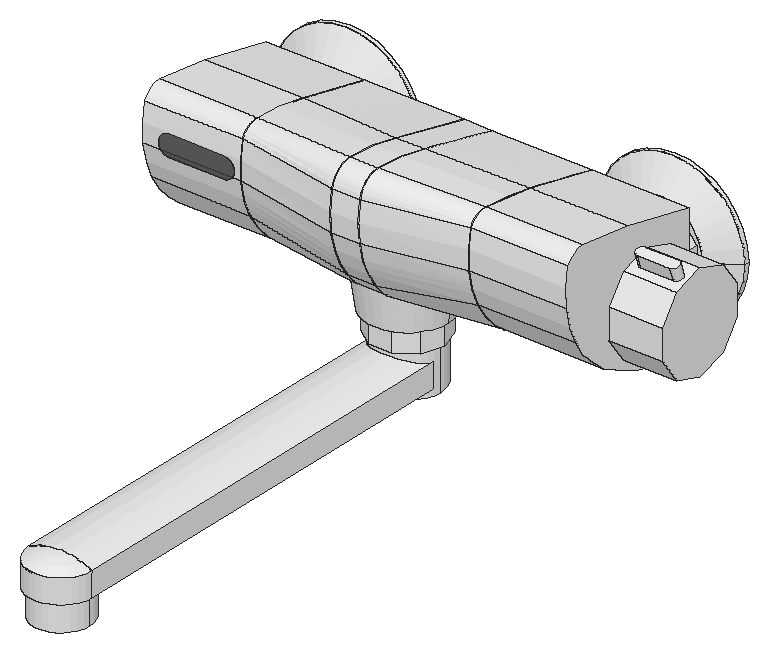
Revit family "Смеситель настенный бесконтактный", category Сантехнические приборы, Revit 2017
Family settings
  Размер круглого соединителя = Использовать диаметр
  Тип детали = Нормальный
  На основе рабочей плоскости = Нет
  Всегда вертикально = Да
  При загрузке вырезать с полостями = Нет
  Общий = Нет
  Точка расчета площади = Нет
Parameters (values of type "Тип")
  Ширина = 0.0 mm
  Расход_ХВ = 0.0 L/s
  Расход_ГВ = 0.0 L/s
  Примечание = "Учитывается в разделе ВК"
  Позиция = ""
  Обозначение = ""
  Наименование = "Смеситель настенный бесконтактный сенсорный, работа от батареи"
  Масса = ""
  Код оборудования = ""
  Keynote = ""
  Изготовитель = "Severin"
  Задание [instance] = "ВК"
  Завод = ""
  Единицы = "шт."
  Диаметр_ХВ = 12.7 mm
  Диаметр_ГВ = 12.7 mm
  Группа модели = "ТХ"  # constant formula
  Глубина = 0.0 mm
  Высота подвода_ГВ_ХВ = 500.0 mm
  Высота = 0.0 mm
Reference planes
  plane 1 "По центру (Вперед/Назад)": y = 0
  plane 2: z = 0
  plane 3 "По центру (Влево/Вправо)": x = 0
Forms (mm)
  Blend 1, solid, material "Сталь, хромированная"
    base sketch origin (0, 0, 0) x (1, 0, 0) y (0, 1, 0)
      loop
        circle (0, -60) r 22.5
    top sketch origin (0, 0, 0) x (1, 0, 0) y (0, 1, 0)
      loop
        circle (0, -60) r 18.75
    from -5 to -29.993
  Extrusion 2, solid, material "Сталь, хромированная"
    sketch origin (0, 0, 0) x (1, 0, 0) y (0, 1, 0)
      loop
        circle (0, -60) r 15
    from -60 to -40
  Extrusion 3, solid, material "Сталь, хромированная"
    sketch origin (0, 0, 0) x (1, 0, 0) y (0, 1, 0)
      loop
        line (5.215, -43.951) -> (-5.215, -43.951) -> (-13.652, -50.081) -> (-16.875, -60) -> (-13.652, -69.919) -> (-5.215, -76.049) -> (5.215, -76.049) -> (13.652, -69.919) -> (16.875, -60) -> (13.652, -50.081) -> (5.215, -43.951)
    from -40 to -29.993
  Extrusion 4, solid, material "Сталь, хромированная"
    sketch origin (0, 0, 0) x (1, 0, 0) y (0, 1, 0)
      loop
        circle (0, -259.5) r 13
    from -69.521 to -56
  Extrusion 5, solid, material "Сталь, хромированная"
    sketch origin (0, 0, 0) x (1, 0, 0) y (0, 0, 1)
      loop
        line (-14.5, -46) -> (-14.5, -57) -> (14.5, -57) -> (14.5, -46)
        arc (14.5, -46) -> (0, -42.292) -> (-14.5, -46) r 30.208
    from 60 to 260
  Extrusion 6, solid, material "Сталь, хромированная"
    sketch origin (0, 0, 0) x (1, 0, 0) y (0, 0, 1)
      loop
        line (-92.832, 5.794) -> (-92.832, -5.794) -> (-86.021, -15.169) -> (-75, -18.75) -> (-63.979, -15.169) -> (-57.168, -5.794) -> (-57.168, 5.794) -> (-63.979, 15.169) -> (-75, 18.75) -> (-86.021, 15.169) -> (-92.832, 5.794)
    from 10 to 20
  Extrusion 7, solid, material "Сталь, хромированная"
    sketch origin (0, 0, 0) x (1, 0, 0) y (0, 0, 1)
      loop
        circle (-75, 0) r 33.75
    from 0 to 2
  Blend 8, solid, material "Сталь, хромированная"
    base sketch origin (0, 0, 0) x (1, 0, 0) y (0, 0, 1)
      loop
        circle (-75, 0) r 33.75
    top sketch origin (0, 0, 0) x (1, 0, 0) y (0, 0, 1)
      loop
        circle (-75, 0) r 20.625
    from 2 to 10
  Extrusion 9, solid, material "Сталь, хромированная"
    sketch origin (0, 0, 0) x (-1, 0, 0) y (0, 0, -1)
      loop
        line (-92.832, -5.794) -> (-86.021, -15.169) -> (-75, -18.75) -> (-63.979, -15.169) -> (-57.168, -5.794) -> (-57.168, 5.794) -> (-63.979, 15.169) -> (-75, 18.75) -> (-86.021, 15.169) -> (-92.832, 5.794) -> (-92.832, -5.794)
    from 10 to 20
  Extrusion 10, solid, material "Сталь, хромированная"
    sketch origin (0, 0, 0) x (-1, 0, 0) y (0, 0, -1)
      loop
        circle (-75, 0) r 33.75
    from 0 to 2
  Blend 11, solid, material "Сталь, хромированная"
    base sketch origin (0, 0, 0) x (-1, 0, 0) y (0, 0, -1)
      loop
        circle (-75, 0) r 33.75
    top sketch origin (0, 0, 0) x (-1, 0, 0) y (0, 0, -1)
      loop
        circle (-75, 0) r 20.625
    from 2 to 10
  Revolve 12, solid, material "Сталь, хромированная"
    sketch origin (0, -260, 0) x (1, 0, 0) y (0, 0, -1)
      loop
        line (14.5, 46) -> (14.5, 57) -> (0, 57) -> (0, 42.292)
        arc (0, 42.292) -> (7.483, 43.234) -> (14.5, 46) r 30.208
      axis (0, 57) -> (0, 42.292)
    angle from 0 to 180
  Extrusion 13, solid, material "Сталь, хромированная"
    sketch origin (0, 0, 0) x (0, 1, 0) y (0, 0, 1)
      loop
        line (-20, 27.6) -> (-55.2, 35.6)
        arc (-55.2, 35.6) -> (-68.062, 37.903) -> (-81.082, 39.007) r 141.194
        arc (-81.082, 39.007) -> (-86.064, 37.753) -> (-89.582, 34.007) r 9.137
        arc (-89.582, 34.007) -> (-90.859, 25.464) -> (-90.56, 16.831) r 47.293
        arc (-90.56, 16.831) -> (-88.696, 8.397) -> (-85.329, 0.442) r 47.294
        arc (-85.329, 0.442) -> (-75.575, -12.131) -> (-62.22, -20.784) r 47.581
        arc (-62.22, -20.784) -> (-48.771, -26.5) -> (-34.582, -29.993) r 91.127
        arc (-34.582, -29.993) -> (-26.323, -29.089) -> (-20, -23.7) r 14.128
        line (-20, -23.7) -> (-20, 27.6)
    from 52.5 to 97.5
  Extrusion 14, solid, material "Сталь, хромированная"
    sketch origin (0, 0, 0) x (0, 1, 0) y (0, 0, 1)
      loop
        line (-20, -23.7) -> (-20, 27.6) -> (-58.7, 37.1)
        arc (-58.7, 37.1) -> (-71.861, 39.778) -> (-85.25, 40.831) r 110
        arc (-85.25, 40.831) -> (-92.126, 38.381) -> (-95.682, 32.007) r 10.366
        arc (-95.682, 32.007) -> (-96.74, 23.046) -> (-96.076, 14.046) r 47.253
        arc (-96.076, 14.046) -> (-92.642, 2.735) -> (-86.508, -7.369) r 47.252
        arc (-86.508, -7.369) -> (-82.471, -12.122) -> (-77.582, -15.993) r 31.717
        arc (-77.582, -15.993) -> (-64.121, -23.099) -> (-49.647, -27.811) r 89.148
        line (-49.647, -27.811) -> (-34.582, -29.993)
        arc (-34.582, -29.993) -> (-26.323, -29.089) -> (-20, -23.7) r 14.128
    from -6.5 to 6.5
  Blend 15, solid, material "Сталь, хромированная"
    base sketch origin (0, 0, 0) x (0, 1, 0) y (0, 0, 1)
      loop
        arc (-81.082, 39.007) -> (-86.064, 37.753) -> (-89.582, 34.007) r 9.137
        arc (-89.582, 34.007) -> (-90.859, 25.464) -> (-90.56, 16.831) r 47.293
        arc (-90.56, 16.831) -> (-88.696, 8.397) -> (-85.329, 0.442) r 47.294
        arc (-85.329, 0.442) -> (-75.575, -12.131) -> (-62.22, -20.784) r 47.581
        arc (-62.22, -20.784) -> (-48.771, -26.5) -> (-34.582, -29.993) r 91.127
        arc (-34.582, -29.993) -> (-26.323, -29.089) -> (-20, -23.7) r 14.128
        line (-20, -23.7) -> (-20, 27.6) -> (-55.2, 35.6)
        arc (-55.2, 35.6) -> (-68.062, 37.903) -> (-81.082, 39.007) r 141.194
    top sketch origin (0, 0, 0) x (0, 1, 0) y (0, 0, 1)
      loop
        arc (-85.25, 40.831) -> (-92.126, 38.381) -> (-95.682, 32.007) r 10.366
        arc (-95.682, 32.007) -> (-96.74, 23.046) -> (-96.076, 14.046) r 47.253
        arc (-96.076, 14.046) -> (-92.642, 2.735) -> (-86.508, -7.369) r 47.252
        arc (-86.508, -7.369) -> (-82.471, -12.122) -> (-77.582, -15.993) r 31.717
        arc (-77.582, -15.993) -> (-64.121, -23.099) -> (-49.647, -27.811) r 89.148
        line (-49.647, -27.811) -> (-34.582, -29.993)
        arc (-34.582, -29.993) -> (-26.323, -29.089) -> (-20, -23.7) r 14.128
        line (-20, -23.7) -> (-20, 27.6) -> (-58.7, 37.1)
        arc (-58.7, 37.1) -> (-71.861, 39.778) -> (-85.25, 40.831) r 110
    from 52.5 to 6.5
  Extrusion 16, solid, material "Сталь, хромированная"
    sketch origin (0, 0, 0) x (0, 1, 0) y (0, 0, -1)
      loop
        line (-20, -27.6) -> (-20, 23.7)
        arc (-20, 23.7) -> (-26.323, 29.089) -> (-34.582, 29.993) r 14.128
        arc (-34.582, 29.993) -> (-48.771, 26.5) -> (-62.22, 20.784) r 91.127
        arc (-62.22, 20.784) -> (-75.575, 12.131) -> (-85.329, -0.442) r 47.581
        arc (-85.329, -0.442) -> (-88.696, -8.397) -> (-90.56, -16.831) r 47.294
        arc (-90.56, -16.831) -> (-90.859, -25.464) -> (-89.582, -34.007) r 47.293
        arc (-89.582, -34.007) -> (-86.064, -37.753) -> (-81.082, -39.007) r 9.137
        arc (-81.082, -39.007) -> (-68.062, -37.903) -> (-55.2, -35.6) r 141.194
        line (-55.2, -35.6) -> (-20, -27.6)
    from 52.5 to 97.5
  Blend 17, solid, material "Сталь, хромированная"
    base sketch origin (0, 0, 0) x (0, 1, 0) y (0, 0, -1)
      loop
        arc (-81.082, -39.007) -> (-68.062, -37.903) -> (-55.2, -35.6) r 141.194
        line (-55.2, -35.6) -> (-20, -27.6) -> (-20, 23.7)
        arc (-20, 23.7) -> (-26.323, 29.089) -> (-34.582, 29.993) r 14.128
        arc (-34.582, 29.993) -> (-48.771, 26.5) -> (-62.22, 20.784) r 91.127
        arc (-62.22, 20.784) -> (-75.575, 12.131) -> (-85.329, -0.442) r 47.581
        arc (-85.329, -0.442) -> (-88.696, -8.397) -> (-90.56, -16.831) r 47.294
        arc (-90.56, -16.831) -> (-90.859, -25.464) -> (-89.582, -34.007) r 47.293
        arc (-89.582, -34.007) -> (-86.064, -37.753) -> (-81.082, -39.007) r 9.137
    top sketch origin (0, 0, 0) x (0, 1, 0) y (0, 0, -1)
      loop
        arc (-85.25, -40.831) -> (-71.861, -39.778) -> (-58.7, -37.1) r 110
        line (-58.7, -37.1) -> (-20, -27.6) -> (-20, 23.7)
        arc (-20, 23.7) -> (-26.323, 29.089) -> (-34.582, 29.993) r 14.128
        line (-34.582, 29.993) -> (-49.647, 27.811)
        arc (-49.647, 27.811) -> (-64.121, 23.099) -> (-77.582, 15.993) r 89.148
        arc (-77.582, 15.993) -> (-82.471, 12.122) -> (-86.508, 7.369) r 31.717
        arc (-86.508, 7.369) -> (-92.642, -2.735) -> (-96.076, -14.046) r 47.252
        arc (-96.076, -14.046) -> (-96.74, -23.046) -> (-95.682, -32.007) r 47.253
        arc (-95.682, -32.007) -> (-92.126, -38.381) -> (-85.25, -40.831) r 10.366
    from 52.5 to 6.5
  Extrusion 18, solid, material "Стекло чёрное непрозрачное"
    sketch origin (0, 0, 0) x (1, 0, 0) y (0, 0, 1)
      loop
        arc (-85, 25) -> (-90, 20) -> (-85, 15) r 5
        line (-85, 15) -> (-60, 15)
        arc (-60, 15) -> (-55, 20) -> (-60, 25) r 5
        line (-60, 25) -> (-85, 25)
    from 90.56 to 91
  Extrusion 19, solid, material "Сталь, хромированная"
    sketch origin (0, 0, 0) x (0, 1, 0) y (0, 0, 1)
      loop
        line (-45, 22.5) -> (-58.225, 18.203) -> (-66.399, 6.953) -> (-66.399, -6.953) -> (-58.225, -18.203) -> (-45, -22.5) -> (-31.775, -18.203) -> (-23.601, -6.953) -> (-23.601, 6.953) -> (-31.775, 18.203) -> (-45, 22.5)
    from 97.5 to 122.5
  Extrusion 20, solid, material "Сталь, хромированная"
    sketch origin (0, -45, 22.5) x (0, -0.951056, -0.309017) y (1, 0, 0)
      loop
        arc (4.639, 102.5) -> (7.059, 100.08) -> (9.479, 102.5) r 2.42
        line (9.479, 102.5) -> (9.479, 117.5)
        arc (9.479, 117.5) -> (7.059, 119.92) -> (4.639, 117.5) r 2.42
        line (4.639, 117.5) -> (4.639, 102.5)
    from 0 to 5.999
  Extrusion 21, solid, material "Сталь, хромированная"
    sketch origin (0, 0, 0) x (0, 1, 0) y (0, 0, 1)
      loop
        circle (-45, 0) r 7.5
    from -98.217 to -97.5
  Extrusion 22, void
    sketch origin (0, 0, 0) x (0, 1, 0) y (0, 0, 1)
      loop
        line (-39.908, 5.506) -> (-50.506, -5.092)
        arc (-50.506, -5.092) -> (-50.154, -5.448) -> (-49.78, -5.78) r 7.5
        line (-49.78, -5.78) -> (-39.22, 4.78)
        arc (-39.22, 4.78) -> (-39.552, 5.154) -> (-39.908, 5.506) r 7.5
    from -97.784 to -98.217
Cuts and joins
  Extrusion 22 cuts Extrusion 21
Dimensions and locks
  aligned and locked: level to plane 2
Connectors
  piping at (75, 0, 0), diameter 12.7, driven by "Расход_ХВ", driven by "Диаметр_ХВ"
    settings: on Extrusion 10, index 3, connector inside diameter 609.6 mm, connector length 0.0 mm, flow factor 0, pipe flow 0.0 L/s, pressure drop 0.0 Pa, fitting loss kfactor 0, connector angle 0.00°, fixture units 0, engagement length 0.0 mm, angle of deflection 0.00°, flow configuration 0, flow direction 1, fitting loss method 0, system type 20, joint type 0, gender type 0, connector reference index -1, connector utility 0, adjustable connector no, is connector primary yes, connector description ""
  piping at (-75, 0, 0), diameter 12.7, driven by "Диаметр_ГВ"
    settings: on Extrusion 7, index 4, connector inside diameter 609.6 mm, connector length 0.0 mm, flow factor 0, pipe flow 0.0 L/s, pressure drop 0.0 Pa, fitting loss kfactor 0, connector angle 0.00°, fixture units 0, engagement length 0.0 mm, angle of deflection 0.00°, flow configuration 0, flow direction 0, fitting loss method 0, system type 7, joint type 0, gender type 0, connector reference index -1, connector utility 0, adjustable connector no, is connector primary no, connector description ""
